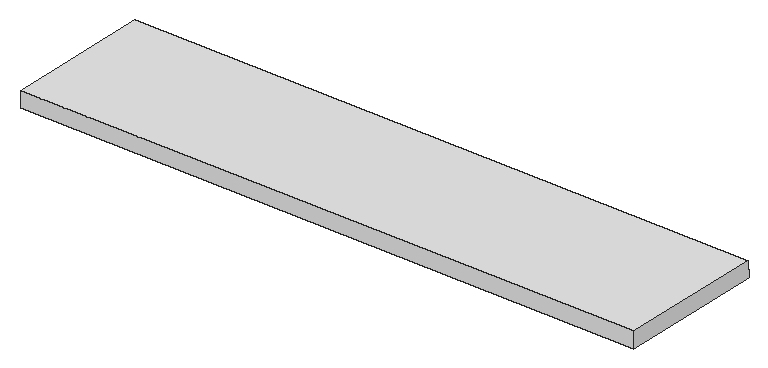
Revit family "Versatex_Generic Model_6-4” x 12” TRIMBOARD", category Generic Models, host Face, Revit 2022
Family settings
  Host = Face
  Can host rebar = No
  Round Connector Dimension = Use Diameter
  Part Type = Normal
  Cut with Voids When Loaded = No
  Maintain Annotation Orientation = No
  Shared = No
  Room Calculation Point = No
Parameters
  Model = "TBSM/TR641218"
  Length = 4' - 0"
  Warranty = "https://versatex.com/warranty/"
  URL = "https://versatex.com/"
  Specification = "https://www.arcat.com/company/versatex-45716/spec?coid=45716"
  Sales Information = "https://versatex.com/dealer-locator/"
  Message Manufacturer = "https://versatex.com/contact/"
  Material = Versatex PVC - Smooth
  Manufacturer Website = "https://versatex.com/"
  Manufacturer Phone = "724-857-1111"
  Manufacturer Fax = "724-857-1171"
  Manufacturer Address = "400 Steel Street, Aliquippa, PA 15001"
  Manufacturer = "Versatex"
  Literature = "https://versatex.com/literature/?_sft_literature_category=cads"
  Description = "NOMINAL 6/4” x 12” TRIMBOARD"
  Default Elevation = 4' - 0"
  Copyright = "© 2024 VERSATEX Building Products, LLC"
Reference planes (in)
  plane 1 "Center (Front/Back)": y = 0
  plane 2: z = 0
  plane 3 "Center (Left/Right)": x = 0
  plane 4: x = 24
  plane 5: x = -24
Forms (in)
  Sweep 1, solid, material "Versatex PVC - Smooth" <- "Material"
    path origin (0, 0, 0) x (1, 0, 0) y (0, 1, 0)
      loop
        line (-24, 0) -> (24, 0)
    profile "Versatex_Profile_6-4” x 12” TRIMBOARD : Versatex_Profile_6-4” x 12” TRIMBOARD" origin (0, 0, 0) x (0, 1, 0) y (0, 0, 1)
      loop
        line (0, 0) -> (11.25, 0) -> (11.25, 1.25) -> (0, 1.25) -> (0, 0)
Dimensions and locks (in)
  "Length": plane 5 to plane 4
  equal spacing: plane 5, plane 3 "Center (Left/Right)", plane 4, locked at 24 each
  aligned and locked: plane 2 to host face
  aligned and locked: level to host face
Automatic sketch dimensions
  host sketch curve to host sketch curve = 8' - 0"  (x2)
  plane 1 "Center (Front/Back)" to Sweep 1 sketch curve = 0' - 0"
  Sweep 1 sketch curve to plane 5 = 0' - 0"
  Sweep 1 sketch curve to plane 4 = 0' - 0"
